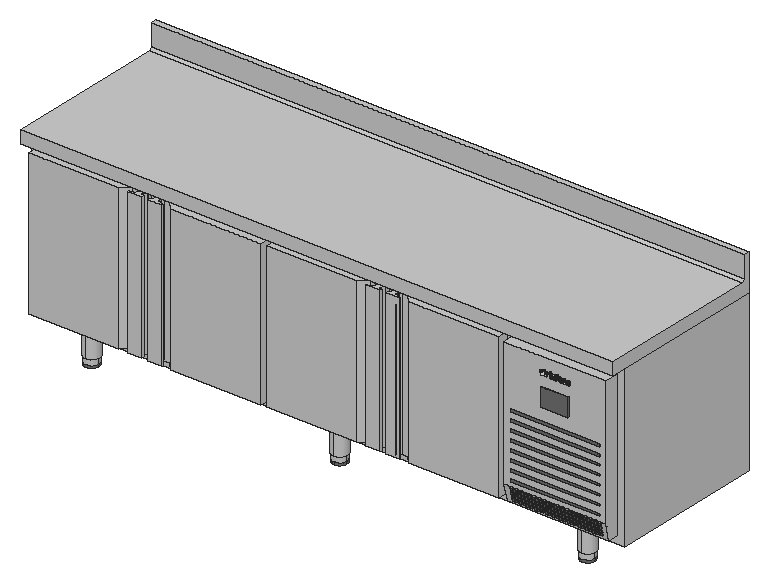
Revit family "QF_INFRICO_BMGN2450BT_250808031524", category Specialty Equipment, Revit 2021 (continued)
Definition of nested family "QF_INFRICO_WORKTOP_BACKSPLASH_7972"
  Types (30, lengths in mm): name | Model | Length | Description | Depth
    BKSP10_60 | "BKSP10_60" | 1000 | "WORKTOP WITH BACKSPLASH 1000_600" | 600
    BKSP10_70_MT | "BKSP10_70_MT" | 1000 | "WORKTOP WITH BACKSPLASH 1000_700" | 700
    BKSP15_60_MT | "BKSP15_60_MT" | 1500 | "WORKTOP WITH BACKSPLASH 1500_600" | 600
    BKSP15_70_MT | "BKSP15_70_MT" | 1500 | "WORKTOP WITH BACKSPLASH 1500_700" | 700
    BKSP20_60_MT | "BKSP20_60_MT" | 2000 | "WORKTOP WITH BACKSPLASH 2000_600" | 600
    BKSP20_70_MT | "BKSP20_70_MT" | 2000 | "WORKTOP WITH BACKSPLASH 2000_700" | 700
    BKSP25_30 | "BKSP25_30" | 2452 | "WORKTOP WITH BACKSPLASH 2500_300" | 300
    BKSP25_60 | "BKSP25_60" | 2452 | "WORKTOP WITH BACKSPLASH 2500_600" | 600
  Reference planes
    plane 1 "Back": y = 0
    plane 2: z = 0
    plane 3 "Left": x = 0
    plane 4 "Right": x = 1000
    plane 5 "Front": y = -600
    plane 6 "Top": z = 150.03
  Forms (mm)
    Extrusion 1, solid
      sketch origin (0, 0, -660) x (0, 1, 0) y (0, 0, 1)
        loop
          line (0, 660) -> (0, 810.03) -> (-20, 810.03) -> (-20, 720.071) -> (-30.071, 710) -> (-600, 710) -> (-600, 660) -> (0, 660)
      from 0 to 1000
  Lines and regions (mm)
    symbolic lines
      curve 1: line (0, -600, 0) -> (1000, -600, 0)
      curve 2: line (0, 0, 0) -> (0, -600, 0)
      curve 3: line (1000, -600, 0) -> (1000, 0, 0)
      curve 4: line (1000, 0, 0) -> (0, 0, 0)
      curve 5: line (0, -20, 0) -> (1000, -20, 0)
  Dimensions and locks
    plane 6 "Top" to level = 150.03 mm
    plane 4 "Right" to plane 3 "Left" = 1000 mm
    "Length": plane 3 "Left" to plane 4 "Right"
    "Depth": plane 5 "Front" to plane 1 "Back"
    aligned and locked: level to plane 2
    aligned and locked: Extrusion 1 to plane 4 "Right"
  Automatic sketch dimensions
    curve 1 to plane 3 "Left" = 0 mm
    plane 1 "Back" to curve 4 = 0 mm
    curve 4 to plane 4 "Right" = 0 mm
    curve 1 to plane 5 "Front" = 0 mm
    plane 1 "Back" to curve 5 = 20 mm
    Extrusion 1 sketch curve to level = 0 mm
    Extrusion 1 sketch curve to plane 5 "Front" = 0 mm
    Extrusion 1 sketch curve to plane 6 "Top" = 0 mm
    Extrusion 1 sketch curve to plane 1 "Back" = 0 mm
    plane 1 "Back" to Extrusion 1 sketch curve = 30.071 mm
    Extrusion 1 sketch curve to Extrusion 1 sketch curve = 10.071 mm  (x2)
    level to Extrusion 1 sketch curve = 50 mm
Definition of nested family "QF_INFRICO_LEGS_8808"
  Parameters (values of type "LEGS_2190_740")
    Weight [instance] = 0.00 kg
    Warranty Start Date [instance] = ""
    Warranty Duration [instance] = ""
    URL Cutsheet [instance] = ""
    URL = "www.infrico.com"
    Technical Documentation [instance] = ""
    Tag Number [instance] = ""
    Status [instance] = ""
    Specification by User [instance] = ""
    Specification by Manufacturer [instance] = ""
    Sound Level [instance] = ""
    Solid Fuel Type [instance] = ""
    Show Logo [instance] = yes
    Show Clearances [instance] = yes
    Show Clearance [instance] = yes
    Service Life Duration [instance] = ""
    Serial Number [instance] = ""
    Seismic Rating [instance] = ""
    SMACNA No [instance] = ""
    Revision Code [instance] = ""
    Revision [instance] = ""
    Production Year [instance] = ""
    Point Load [instance] = 0
    Other Equipment Approvals [instance] = ""
    NAFEM Spec ID Number [instance] = ""
    Model Warning [instance] = ""
    Model = "LEGS_2190_740"
    Masterspec [instance] = ""
    Manufacturer = "INFRICO"
    Length Actual [instance] = 0 mm
    Length = 2185 mm
    Item Number [instance] = ""
    Installed By [instance] = ""
    Installation Date [instance] = ""
    Identify Quantity as Lot [instance] = yes
    ID [instance] = ""
    Hygiene Approval [instance] = ""
    Height Actual [instance] = 0 mm
    Height = 140 mm
    Furnished By [instance] = ""
    Foodservice Equipment Identifier [instance] = yes
    ETL Approved [instance] = yes
    Description = "LEGS"
    Depth Actual [instance] = 0 mm
    Depth = 738 mm
    Default Elevation = 0 mm
    CentralLegs = if(or(Length > 2200 mm, Length = 2144 mm), 2 > 1, 2 < 1)  # no
    CSI MasterFormat [instance] = ""
    CE Approved [instance] = yes
    Barcode [instance] = ""
    Author [instance] = ""
    Asset Identifier [instance] = ""
    Assembly Code = "E1090320"
    Accessory [instance] = yes
  Types (29, lengths in mm): name | Model | Length | Height | Depth | CentralLegs
    LEGS_1960_700 | "LEGS_1960_700" | 1960 | 140 | 700 | no
    LEGS_1470_700 | "LEGS_1470_700" | 1468 | 140 | 700 | no
    LEGS_2450_700 | "LEGS_2450_700" | 2452 | 140 | 700 | yes
    LEGS_1470_600 | "LEGS_1470_600" | 1468 | 140 | 600 | no
    LEGS_1960_600 | "LEGS_1960_600" | 1960 | 140 | 600 | no
    LEGS_2450_600 | "LEGS_2450_600" | 2452 | 140 | 600 | yes
    LEGS_1610_800 | "LEGS_1610_800" | 1618 | 140 | 800 | no
    LEGS_2190_800 | "LEGS_2190_800" | 2185 | 140 | 800 | no
    LEGS_2750_800 | "LEGS_2750_800" | 2752 | 140 | 800 | yes
    LEGS_1160_700 | "LEGS_1160_700" | 1160 | 140 | 700 | no
    LEGS_1650_700 | "LEGS_1650_700" | 1652 | 140 | 700 | no
    LEGS_2140_700 | "LEGS_2140_700" | 2144 | 140 | 700 | yes
    LEGS_1960_640 | "LEGS_1960_640" | 1960 | 140 | 638 | no
    LEGS_1470_640 | "LEGS_1470_640" | 1468 | 140 | 638 | no
    LEGS_1160_600 | "LEGS_1160_600" | 1160 | 140 | 600 | no
    LEGS_1650_600 | "LEGS_1650_600" | 1652 | 140 | 600 | no
    LEGS_1310_800 | "LEGS_1310_800" | 1310 | 140 | 800 | no
    LEGS_1890_800 | "LEGS_1890_800" | 1877 | 140 | 800 | no
    LEGS_2440_800 | "LEGS_2440_800" | 2444 | 140 | 800 | yes
    LEGS_1610_740 | "LEGS_1610_740" | 1618 | 140 | 738 | no
    LEGS_2190_740 | "LEGS_2190_740" | 2185 | 140 | 738 | no
    LEGS_2140_600 | "LEGS_2140_600" | 2144 | 140 | 600 | yes
    LEGS_980_800 | "LEGS_980_800" | 980 | 150 | 800 | no
    LEGS_1470_800 | "LEGS_1470_800" | 1468 | 150 | 800 | no
    LEGS_1740_800 | "LEGS_1740_800" | 1738 | 140 | 800 | no
    LEGS_2300_800 | "LEGS_2300_800" | 2305 | 140 | 800 | yes
    LEGS_1690_800 | "LEGS_1690_800" | 1693 | 140 | 800 | no
    LEGS_2260_800 | "LEGS_2260_800" | 2260 | 140 | 800 | yes
    LEGS_1460_700 | "LEGS_1460_700" | 1460 | 140 | 700 | no
  Reference planes
    plane 1 "Back": y = 0
    plane 2: z = 0
    plane 3 "Left": x = 0
    plane 4 "Right": x = 2185
    plane 5 "Front": y = -738
    plane 6 "Top": z = 140
    plane 7 "Central": x = 1092.5
  Forms (mm)
    Extrusion 1, solid
      sketch origin (0, 0, 140) x (0, 1, 0) y (-1, 0, 0)
        loop
          line (-568, -154.986) -> (-668, -154.986) -> (-668, -244.986) -> (-568, -244.986) -> (-568, -154.986)
      from 0 to -3
    Extrusion 2, solid
      sketch origin (0, 0, 0) x (1, 0, 0) y (0, 1, 0)
        loop
          circle (199.986, -618) r 28
      from 9 to 35
    Extrusion 3, solid
      sketch origin (0, 0, 0) x (1, 0, 0) y (0, 1, 0)
        loop
          circle (199.986, -618) r 28.5
      from 0 to 9
    Sweep 4, solid
      path origin (0, 0, 0) x (0, 1, 0) y (0, 0, 1)
        loop
          line (-618, 35) -> (-618, 137)
      profile origin (0, -618, 86) x (0, -1, 0) y (1, 0, 0)
        loop
          circle (0, 199.986) r 32
    Extrusion 5, solid
      sketch origin (0, 500, 140) x (0, 1, 0) y (-1, 0, 0)
        loop
          line (-530, -154.986) -> (-630, -154.986) -> (-630, -244.986) -> (-530, -244.986) -> (-530, -154.986)
      from 0 to -3
    Extrusion 6, solid
      sketch origin (0, 500, 0) x (1, 0, 0) y (0, 1, 0)
        loop
          circle (199.986, -580) r 28
      from 9 to 35
    Extrusion 7, solid
      sketch origin (0, 500, 0) x (1, 0, 0) y (0, 1, 0)
        loop
          circle (199.986, -580) r 28.5
      from 0 to 9
    Sweep 8, solid
      path origin (0, 500, 0) x (0, 1, 0) y (0, 0, 1)
        loop
          line (-580, 35) -> (-580, 137)
      profile origin (0, -80, 86) x (0, -1, 0) y (1, 0, 0)
        loop
          circle (0, 199.986) r 32
    Extrusion 9, solid
      sketch origin (1560, 0, 140) x (0, 1, 0) y (-1, 0, 0)
        loop
          line (-568, -379.986) -> (-668, -379.986) -> (-668, -469.986) -> (-568, -469.986) -> (-568, -379.986)
      from 0 to -3
    Extrusion 10, solid
      sketch origin (1560, 0, 0) x (1, 0, 0) y (0, 1, 0)
        loop
          circle (424.986, -618) r 28
      from 9 to 35
    Extrusion 11, solid
      sketch origin (1560, 0, 0) x (1, 0, 0) y (0, 1, 0)
        loop
          circle (424.986, -618) r 28.5
      from 0 to 9
    Sweep 12, solid
      path origin (2185, 0, 0) x (0, -1, 0) y (0, 0, 1)
        loop
          line (618, 35) -> (618, 137)
      profile origin (2185, -618, 86) x (0, 1, 0) y (-1, 0, 0)
        loop
          circle (0, 199.986) r 32
    Extrusion 13, solid
      sketch origin (1560, 500, 140) x (0, 1, 0) y (-1, 0, 0)
        loop
          line (-530, -379.986) -> (-630, -379.986) -> (-630, -469.986) -> (-530, -469.986) -> (-530, -379.986)
      from 0 to -3
    Extrusion 14, solid
      sketch origin (1560, 500, 0) x (1, 0, 0) y (0, 1, 0)
        loop
          circle (424.986, -580) r 28
      from 9 to 35
    Extrusion 15, solid
      sketch origin (1560, 500, 0) x (1, 0, 0) y (0, 1, 0)
        loop
          circle (424.986, -580) r 28.5
      from 0 to 9
    Sweep 16, solid
      path origin (2185, 0, 0) x (0, -1, 0) y (0, 0, 1)
        loop
          line (80, 35) -> (80, 137)
      profile origin (2185, -80, 86) x (0, 1, 0) y (-1, 0, 0)
        loop
          circle (0, 199.986) r 32
    Extrusion 17, solid, visible <- "CentralLegs"
      sketch origin (534.014, 0, 140) x (0, 1, 0) y (-1, 0, 0)
        loop
          line (-568, -513.486) -> (-668, -513.486) -> (-668, -603.486) -> (-568, -603.486) -> (-568, -513.486)
      from 0 to -3
    Extrusion 18, solid, visible <- "CentralLegs"
      sketch origin (534.014, 0, 0) x (1, 0, 0) y (0, 1, 0)
        loop
          circle (558.486, -618) r 28
      from 9 to 35
    Extrusion 19, solid, visible <- "CentralLegs"
      sketch origin (534.014, 0, 0) x (1, 0, 0) y (0, 1, 0)
        loop
          circle (558.486, -618) r 28.5
      from 0 to 9
    Sweep 20, solid, visible <- "CentralLegs"
      path origin (1092.5, 0, 0) x (0, -1, 0) y (0, 0, 1)
        loop
          line (618, 35) -> (618, 137)
      profile origin (1092.5, -618, 86) x (0, 1, 0) y (-1, 0, 0)
        loop
          circle (0, -0.014) r 32
    Extrusion 21, solid, visible <- "CentralLegs"
      sketch origin (534.014, 500, 140) x (0, 1, 0) y (-1, 0, 0)
        loop
          line (-530, -513.486) -> (-630, -513.486) -> (-630, -603.486) -> (-530, -603.486) -> (-530, -513.486)
      from 0 to -3
    Extrusion 22, solid, visible <- "CentralLegs"
      sketch origin (534.014, 500, 0) x (1, 0, 0) y (0, 1, 0)
        loop
          circle (558.486, -580) r 28
      from 9 to 35
    Extrusion 23, solid, visible <- "CentralLegs"
      sketch origin (534.014, 500, 0) x (1, 0, 0) y (0, 1, 0)
        loop
          circle (558.486, -580) r 28.5
      from 0 to 9
    Sweep 24, solid, visible <- "CentralLegs"
      path origin (1092.5, 0, 0) x (0, -1, 0) y (0, 0, 1)
        loop
          line (80, 35) -> (80, 137)
      profile origin (1092.5, -80, 86) x (0, 1, 0) y (-1, 0, 0)
        loop
          circle (0, -0.014) r 32
  Dimensions and locks
    "Length": plane 3 "Left" to plane 4 "Right"
    "Depth": plane 1 "Back" to plane 5 "Front"
    "Height": plane 6 "Top" to plane 2
    equal spacing: plane 3 "Left", plane 7 "Central", plane 4 "Right"
    locked: Sweep 20 sketch curve to profile plane at 0.014
    locked: Sweep 24 sketch curve to profile plane at 0.014
    aligned and locked: level to plane 2
  Automatic sketch dimensions
    plane 5 "Front" to Extrusion 1 sketch curve = 70 mm
    Extrusion 1 sketch curve to Extrusion 1 sketch curve = 100 mm
    plane 3 "Left" to Extrusion 1 sketch curve = 244.986 mm
    Extrusion 1 sketch curve to Extrusion 1 sketch curve = 90 mm
    plane 3 "Left" to Extrusion 2 sketch curve = 199.986 mm
    plane 5 "Front" to Extrusion 2 sketch curve = 120 mm
    plane 3 "Left" to Extrusion 3 sketch curve = 199.986 mm
    plane 5 "Front" to Extrusion 3 sketch curve = 120 mm
    Sweep 4 sketch curve to plane 6 "Top" = 3 mm
    plane 5 "Front" to Sweep 4 sketch curve = 120 mm
    level to Sweep 4 sketch curve = 35 mm
    Sweep 4 sketch curve to profile plane = 0 mm
    plane 3 "Left" to Sweep 4 sketch curve = 199.986 mm
    plane 1 "Back" to Extrusion 5 sketch curve = 130 mm
    plane 1 "Back" to Extrusion 5 sketch curve = 30 mm
    plane 3 "Left" to Extrusion 5 sketch curve = 244.986 mm
    Extrusion 5 sketch curve to Extrusion 5 sketch curve = 90 mm
    plane 1 "Back" to Extrusion 6 sketch curve = 80 mm
    plane 3 "Left" to Extrusion 6 sketch curve = 199.986 mm
    plane 1 "Back" to Extrusion 7 sketch curve = 80 mm
    plane 3 "Left" to Extrusion 7 sketch curve = 199.986 mm
    Sweep 8 sketch curve to plane 6 "Top" = 3 mm
    plane 1 "Back" to Sweep 8 sketch curve = 80 mm
    level to Sweep 8 sketch curve = 35 mm
    Sweep 8 sketch curve to profile plane = 0 mm
    plane 3 "Left" to Sweep 8 sketch curve = 199.986 mm
    plane 5 "Front" to Extrusion 9 sketch curve = 70 mm
    Extrusion 9 sketch curve to Extrusion 9 sketch curve = 100 mm
    plane 4 "Right" to Extrusion 9 sketch curve = 155.014 mm
    Extrusion 9 sketch curve to Extrusion 9 sketch curve = 90 mm
    plane 4 "Right" to Extrusion 10 sketch curve = 200.014 mm
    plane 5 "Front" to Extrusion 10 sketch curve = 120 mm
    plane 4 "Right" to Extrusion 11 sketch curve = 200.014 mm
    plane 5 "Front" to Extrusion 11 sketch curve = 120 mm
    Sweep 12 sketch curve to profile plane = 0 mm
    profile plane to Sweep 12 sketch curve = 199.986 mm
    plane 1 "Back" to Extrusion 13 sketch curve = 130 mm
    plane 1 "Back" to Extrusion 13 sketch curve = 30 mm
    plane 4 "Right" to Extrusion 13 sketch curve = 155.014 mm
    Extrusion 13 sketch curve to Extrusion 13 sketch curve = 90 mm
    plane 1 "Back" to Extrusion 14 sketch curve = 80 mm
    plane 4 "Right" to Extrusion 14 sketch curve = 200.014 mm
    plane 1 "Back" to Extrusion 15 sketch curve = 80 mm
    plane 4 "Right" to Extrusion 15 sketch curve = 200.014 mm
    Sweep 16 sketch curve to profile plane = 0 mm
    profile plane to Sweep 16 sketch curve = 199.986 mm
    plane 5 "Front" to Extrusion 17 sketch curve = 70 mm
    Extrusion 17 sketch curve to plane 7 "Central" = 45 mm
    Extrusion 17 sketch curve to Extrusion 17 sketch curve = 100 mm
    plane 7 "Central" to Extrusion 17 sketch curve = 45 mm
    Extrusion 18 sketch curve to plane 7 "Central" = 0 mm
    plane 5 "Front" to Extrusion 18 sketch curve = 120 mm
    Extrusion 19 sketch curve to plane 7 "Central" = 0 mm
    plane 5 "Front" to Extrusion 19 sketch curve = 120 mm
    Sweep 20 sketch curve to profile plane = 0 mm
    plane 7 "Central" to Extrusion 21 sketch curve = 45 mm
    plane 1 "Back" to Extrusion 21 sketch curve = 130 mm
    plane 1 "Back" to Extrusion 21 sketch curve = 30 mm
    Extrusion 21 sketch curve to plane 7 "Central" = 45 mm
    Extrusion 22 sketch curve to plane 7 "Central" = 0 mm
    plane 1 "Back" to Extrusion 22 sketch curve = 80 mm
    Extrusion 23 sketch curve to plane 7 "Central" = 0 mm
    plane 1 "Back" to Extrusion 23 sketch curve = 80 mm
    Sweep 24 sketch curve to profile plane = 0 mm
    Sweep 16 sketch curve to plane 6 "Top" = 3 mm
    plane 1 "Back" to Sweep 16 sketch curve = 80 mm
    level to Sweep 16 sketch curve = 35 mm
    Sweep 12 sketch curve to plane 6 "Top" = 3 mm
    plane 5 "Front" to Sweep 12 sketch curve = 120 mm
    level to Sweep 12 sketch curve = 35 mm
    Sweep 20 sketch curve to plane 6 "Top" = 3 mm
    plane 5 "Front" to Sweep 20 sketch curve = 120 mm
    level to Sweep 20 sketch curve = 35 mm
    Sweep 24 sketch curve to plane 6 "Top" = 3 mm
    plane 1 "Back" to Sweep 24 sketch curve = 80 mm
    level to Sweep 24 sketch curve = 35 mm
    radius of Extrusion 2 sketch curve = 28 mm
    radius of Extrusion 3 sketch curve = 28.5 mm
    radius of Sweep 4 sketch curve = 32 mm
    radius of Extrusion 6 sketch curve = 28 mm
    radius of Extrusion 7 sketch curve = 28.5 mm
    radius of Sweep 8 sketch curve = 32 mm
    radius of Extrusion 10 sketch curve = 28 mm
    radius of Extrusion 11 sketch curve = 28.5 mm
    radius of Sweep 12 sketch curve = 32 mm
    radius of Extrusion 14 sketch curve = 28 mm
    radius of Extrusion 15 sketch curve = 28.5 mm
    radius of Sweep 16 sketch curve = 32 mm
    radius of Extrusion 18 sketch curve = 28 mm
    radius of Extrusion 19 sketch curve = 28.5 mm
    radius of Sweep 20 sketch curve = 32 mm
    radius of Extrusion 22 sketch curve = 28 mm
    radius of Extrusion 23 sketch curve = 28.5 mm
    radius of Sweep 24 sketch curve = 32 mm
Definition of nested family "CONN_POINT_DRAIN_2D___Generic_Annotation"
  Parameters (values of type "CONN_POINT_DRAIN_2D___Generic_Annotation")
    Onboard connection annotation symbol visibility [instance] = yes
  Reference planes
    plane 1: y = 0
    plane 2: x = 0
  Lines and regions (mm)
    detail lines, visible <- "Onboard connection annotation symbol visibility"
      curve 1: circle (0, 0, 0) r 0.5 normal (0, 0, 1)
      curve 2: line (-1, 0, 0) -> (1, 0, 0)
      curve 3: line (0, 1, 0) -> (0, -1, 0)
      curve 4: line (1.776, 1, 0) -> (1.25, 1, 0)
      curve 5: line (1.25, 1, 0) -> (1.25, -1, 0)
      curve 6: line (1.25, -1, 0) -> (1.776, -1, 0)
      curve 7: arc (2.206, -0.862, 0) -> (2.459, -0.589, 0) -> (2.583, -0.238, 0) r 0.918
      curve 8: arc (2.583, 0.238, 0) -> (2.459, 0.589, 0) -> (2.206, 0.862, 0) r 0.918
      curve 9: arc (2.583, -0.238, 0) -> (2.599, 0, 0) -> (2.583, 0.238, 0) r 1.77
      curve 10: arc (2.206, 0.862, 0) -> (2.002, 0.965, 0) -> (1.776, 1, 0) r 0.741
      curve 11: arc (1.776, -1, 0) -> (2.002, -0.965, 0) -> (2.206, -0.862, 0) r 0.741
Definition of nested family "CONN_POINT_ELE_2D___Generic_Annotation"
  Parameters (values of type "CONN_POINT_ELE_2D___Generic_Annotation")
    Onboard connection annotation symbol visibility [instance] = yes
  Reference planes
    plane 1: y = 0
    plane 2: x = 0
  Lines and regions (mm)
    detail lines, visible <- "Onboard connection annotation symbol visibility"
      curve 1: circle (0, 0, 0) r 0.5 normal (0, 0, 1)
      curve 2: line (-1, 0, 0) -> (1, 0, 0)
      curve 3: line (0, 1, 0) -> (0, -1, 0)
      curve 4: line (2.5, 1, 0) -> (1.25, 1, 0)
      curve 5: line (1.25, 1, 0) -> (1.25, -1, 0)
      curve 6: line (1.25, -1, 0) -> (2.5, -1, 0)
      curve 7: line (1.25, 0, 0) -> (2, 0, 0)
